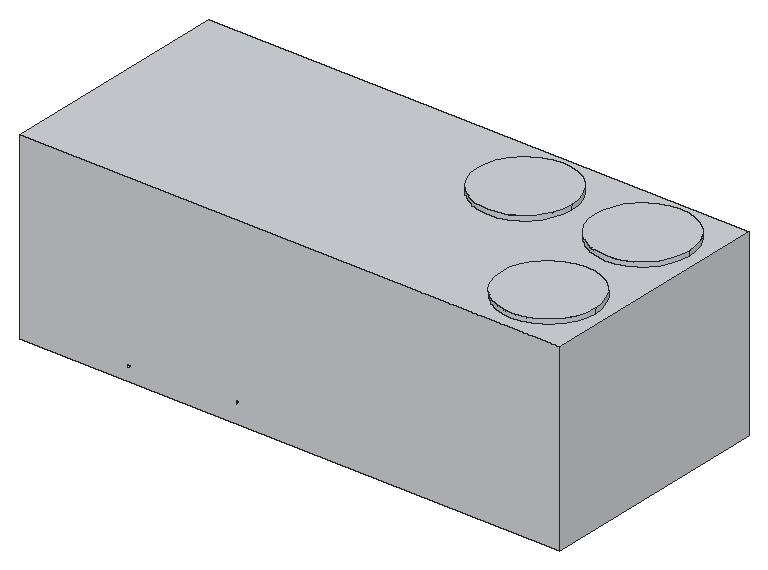
Revit family "38ba4bcd04574da4892a8561812f2e7b", category Mechanical Equipment, Revit 2021
Family settings
  Round Connector Dimension = Use Radius
  Part Type = Normal
  OmniClass Number = 23.75.10.24.21.27.14
  OmniClass Title = Packaged Rooftop Air Conditioning Units
  Seek Item ID = Rooftop AC Units - Gas Fired - 27.5-50 Tons-0000-USA-ENU
  Work Plane-Based = No
  Always vertical = Yes
  Cut with Voids When Loaded = No
  Shared = No
  Room Calculation Point = No
Parameters (values of type "27.5 Tons")
  Voltage = 480 V
  Visibility 2 = no
  Visibility 1 = yes
  Unit Width = 7' - 6 5/8"
  Unit Material = none
  Unit Length = 17' - 4 1/16"
  Unit Height = 5' - 10 7/16"
  Supply Air Outlet Width = 54 1/8"
  Supply Air Outlet Height = 70 15/16"
  Return Air Inlet Width = 23 1/2"
  Return Air Inlet Height = 75 13/16"
  Number of Poles = 3
  Load Classification = Cooling
  Length 2 = 0.5 * Unit Width  # 3' - 9 5/16"
  Length 1 = 0.25 * Unit Width  # 1' - 10 21/32"
  Heating Output = 486000.0 Btu/h
  Heating Input = 600000.0 Btu/h
  Gas Radius = Gas Diameter / 2  # 1/2"
  Gas Pressure Drop [instance] = 0.506 psi
  Gas Flow [instance] = 0 GPM
  Gas Diameter = 1"
  Fan Radius = Unit Width * 0.2  # 1' - 6 1/8"
  Drain Radius = Drain Diameter / 2  # 5/8"
  Drain Flow [instance] = 0 GPM
  Drain Diameter = 1 1/4"
  Distance = 4' - 3 1/2"
  Default Elevation = 0' - 0"
  C4 Offset 2 = 0' - 5 3/8"
  C4 Offset 1 = 3' - 6"
  C3 Offset 1 = 6' - 11 13/16"
  Apparent Load = 11814.4 VA
  Air Pressure Drop [instance] = 1.25 in-wg
  Air Flow [instance] = 12000 CFM
Types (6): name | Visibility 2 | Visibility 1 | Unit Length | Unit Height | Heating Output | Heating Input | Distance | C4 Offset 2 | C4 Offset 1 | C3 Offset 1 | Apparent Load | Air Pressure Drop | Air Flow
  (no name) | no | yes | 17' - 4 1/16" | 5' - 10 7/16" | 486000.0 Btu/h | 600000.0 Btu/h | 4' - 3 1/2" | 0' - 5 3/8" | 3' - 6" | 6' - 11 13/16" | 11814.4 VA | 1.25 in-wg | 12000 CFM
  27.5 Tons | no | yes | 17' - 4 1/16" | 5' - 10 7/16" | 486000.0 Btu/h | 600000.0 Btu/h | 4' - 3 1/2" | 0' - 5 3/8" | 3' - 6" | 6' - 11 13/16" | 11814.4 VA | 1.25 in-wg | 12000 CFM
  30 Tons | no | yes | 17' - 4 1/16" | 5' - 10 7/16" | 486000.0 Btu/h | 600000.0 Btu/h | 4' - 3 1/2" | 0' - 5 3/8" | 3' - 6" | 6' - 11 13/16" | 11814.4 VA | 1.50 in-wg | 13000 CFM
  35 Tons | no | yes | 17' - 4 1/16" | 5' - 10 7/16" | 486000.0 Btu/h | 600000.0 Btu/h | 4' - 3 1/2" | 0' - 5 3/8" | 3' - 6" | 6' - 11 13/16" | 13083.2 VA | 1.75 in-wg | 14500 CFM
  40 Tons | yes | no | 19' - 4 3/8" | 6' - 5" | 648000.0 Btu/h | 800000.0 Btu/h | 4' - 5 9/16" | 0' - 5 5/16" | 4' - 1 9/16" | 7' - 9 3/8" | 13811.2 VA | 2.00 in-wg | 17000 CFM
  50 Tons | yes | no | 19' - 4 3/8" | 6' - 5" | 648000.0 Btu/h | 800000.0 Btu/h | 4' - 5 9/16" | 0' - 5 5/16" | 4' - 1 9/16" | 7' - 9 3/8" | 15100.8 VA | 2.25 in-wg | 20000 CFM
Reference planes (in)
  plane 1 "Center (Front/Back)": y = 0
  plane 2: z = 0
  plane 3 "Center (Left/Right)": x = 0
  plane 4: x = 208.0625
  plane 5: y = 90.625
  plane 6: z = 70.4375
  plane 7: y = 83.5625
  plane 8: y = 7.75
  plane 9: y = 12.625
  plane 10: x = 7.125
  plane 11: x = 30.625
  plane 12: x = 82.125
  plane 13: x = 136.25
  plane 14: y = 45.3125
  plane 15: y = 67.96875
  plane 16: y = 22.65625
  plane 17: x = 185.40625
  plane 18: x = 140.09375
  plane 19: z = 1
  plane 20: z = 72.1875
  plane 21: x = 42
  plane 22: x = 83.8125
  plane 23: z = 7.5625
  plane 24: z = 5.375
  plane 25: y = 0.5
  plane 26: z = 10
  plane 27: y = 5
  plane 28: x = 207.0625
Forms (in)
  Extrusion 1, solid, material <- "Unit Material"
    sketch origin (0, 0, 0) x (1, 0, 0) y (0, 1, 0)
      loop
        line (0, 90.625) -> (0, 0) -> (208.0625, 0) -> (208.0625, 90.625) -> (0, 90.625)
    from 0 to 70.4375
  Extrusion 2, void
    sketch origin (0, 0, 0) x (1, 0, 0) y (0, 1, 0)
      loop
        line (7.125, 83.5625) -> (7.125, 7.75) -> (30.625, 7.75) -> (30.625, 83.5625) -> (7.125, 83.5625)
      loop
        line (82.125, 83.5625) -> (82.125, 12.625) -> (136.25, 12.625) -> (136.25, 83.5625) -> (82.125, 83.5625)
    from 0 to 1
  Extrusion 3, solid, material <- "Unit Material"
    sketch origin (0, 0, 0) x (1, 0, 0) y (0, 1, 0)
      loop
        circle (185.40625, 67.96875) r 18.125
    from 70.4375 to 72.1875
  Extrusion 4, solid, material <- "Unit Material"
    sketch origin (0, 0, 0) x (1, 0, 0) y (0, 1, 0)
      loop
        circle (185.40625, 22.65625) r 18.125
    from 70.4375 to 72.1875
  Extrusion 5, solid, material <- "Unit Material"
    sketch origin (0, 0, 0) x (1, 0, 0) y (0, 1, 0)
      loop
        circle (140.09375, 67.96875) r 18.125
    from 70.4375 to 72.1875
  Extrusion 6, solid, material <- "Unit Material", visible <- "Visibility 2"
    sketch origin (0, 0, 0) x (1, 0, 0) y (0, 1, 0)
      loop
        circle (140.09375, 22.65625) r 18.125
    from 70.4375 to 72.1875
  Extrusion 7, void
    sketch origin (0, 0, 0) x (1, 0, 0) y (0, 0, 1)
      loop
        circle (42, 5.375) r 0.625
    from -0.5 to 0
  Extrusion 8, void
    sketch origin (0, 0, 0) x (1, 0, 0) y (0, 0, 1)
      loop
        circle (83.8125, 7.5625) r 0.5
    from -0.5 to 0
  Extrusion 9, solid, material <- "Unit Material"
    sketch origin (0, 0, 0) x (0, 1, 0) y (0, 0, 1)
      loop
        circle (5, 10) r 1
    from 207.0625 to 208.0625
Cuts and joins
  Extrusion 2, Extrusion 7, Extrusion 8 cuts Extrusion 1
  joined: Extrusion 1, Extrusion 9
Dimensions and locks (in)
  "Unit Length": plane 3 "Center (Left/Right)" to plane 4
  "Unit Width": plane 5 to plane 1 "Center (Front/Back)"
  "Unit Height": plane 6 to level
  locked: plane 5 to plane 7 at 7.0625
  "Return Air Inlet Height": plane 7 to plane 8
  "Supply Air Outlet Height": plane 7 to plane 9
  locked: plane 3 "Center (Left/Right)" to plane 10 at 7.125
  "Return Air Inlet Width": plane 10 to plane 11
  "Distance": plane 11 to plane 12
  "Supply Air Outlet Width": plane 12 to plane 13
  equal spacing: plane 5, plane 15, plane 14, plane 16, plane 1 "Center (Front/Back)"
  "Length 1": plane 17 to plane 4
  "Length 2": plane 18 to plane 17
  locked: plane 19 to level at 1
  locked: plane 20 to plane 6 at 1.75
  "C4 Offset 1": plane 21 to plane 3 "Center (Left/Right)"
  "C3 Offset 1": plane 22 to plane 3 "Center (Left/Right)"
  "C4 Offset 2": plane 24 to level
  locked: plane 23 to level at 7.5625
  locked: plane 25 to plane 1 "Center (Front/Back)" at 0.5
  locked: plane 1 "Center (Front/Back)" to plane 27 at 5
  locked: plane 26 to level at 10
  locked: plane 28 to plane 4 at 1
  "Fan Radius": radius of Extrusion 3 sketch curve
  "Fan Radius": radius of Extrusion 4 sketch curve
  "Fan Radius": radius of Extrusion 5 sketch curve
  "Fan Radius": radius of Extrusion 6 sketch curve
  "Drain Radius": radius of Extrusion 7 sketch curve
  "Gas Radius": radius of Extrusion 8 sketch curve
  aligned and locked: plane 3 "Center (Left/Right)" to Extrusion 1 sketch curve
  aligned and locked: Extrusion 1 sketch curve to plane 5
  aligned and locked: plane 1 "Center (Front/Back)" to Extrusion 1 sketch curve
  aligned and locked: plane 4 to Extrusion 1 sketch curve
  aligned and locked: plane 6 to Extrusion 1
  aligned and locked: Extrusion 1 to plane 2
  aligned and locked: plane 10 to Extrusion 2 sketch curve
  aligned and locked: Extrusion 2 sketch curve to plane 7  (x2)
  aligned and locked: Extrusion 2 sketch curve to plane 11
  aligned and locked: plane 12 to Extrusion 2 sketch curve  (x2)
  aligned and locked: Extrusion 2 sketch curve to plane 13
  aligned and locked: plane 9 to Extrusion 2 sketch curve
  aligned and locked: plane 8 to Extrusion 2 sketch curve
  aligned and locked: plane 15 to Extrusion 3 sketch curve
  aligned and locked: plane 17 to Extrusion 3 sketch curve
  aligned and locked: plane 16 to Extrusion 4 sketch curve
  aligned and locked: plane 17 to Extrusion 4 sketch curve
  aligned and locked: plane 15 to Extrusion 5 sketch curve
  aligned and locked: plane 18 to Extrusion 5 sketch curve
  aligned and locked: plane 16 to Extrusion 6 sketch curve
  aligned and locked: plane 18 to Extrusion 6 sketch curve
  aligned and locked: plane 19 to cut or joined group of Extrusion 1, Extrusion 2, Extrusion 7, Extrusion 8, Extrusion 9
  aligned and locked: plane 2 to cut or joined group of Extrusion 1, Extrusion 2, Extrusion 7, Extrusion 8, Extrusion 9  (x2)
  aligned and locked: cut or joined group of Extrusion 1, Extrusion 2, Extrusion 7, Extrusion 8, Extrusion 9 to plane 19
  aligned and locked: plane 20 to Extrusion 6
  aligned and locked: Extrusion 6 to plane 6
  aligned and locked: plane 20 to Extrusion 5
  aligned and locked: Extrusion 5 to plane 6
  aligned and locked: plane 20 to Extrusion 4
  aligned and locked: Extrusion 4 to plane 6
  aligned and locked: plane 20 to Extrusion 3
  aligned and locked: Extrusion 3 to plane 6
  aligned and locked: plane 24 to Extrusion 7 sketch curve
  aligned and locked: plane 21 to Extrusion 7 sketch curve
  aligned and locked: plane 23 to Extrusion 8 sketch curve
  aligned and locked: plane 22 to Extrusion 8 sketch curve
  aligned and locked: plane 25 to Extrusion 7
  aligned and locked: plane 1 "Center (Front/Back)" to Extrusion 7
  aligned and locked: plane 25 to Extrusion 8
  aligned and locked: plane 1 "Center (Front/Back)" to cut or joined group of Extrusion 1, Extrusion 2, Extrusion 7, Extrusion 8, Extrusion 9  (x2)
  aligned and locked: plane 26 to Extrusion 9 sketch curve
  aligned and locked: Extrusion 9 to plane 4
  aligned and locked: plane 28 to Extrusion 9
  aligned and locked: plane 1 "Center (Front/Back)" to Extrusion 8
Automatic sketch dimensions
  Extrusion 9 sketch curve to plane 27 = 0' - 0"
  radius of Extrusion 9 sketch curve = 0' - 1"
Connectors (in)
  hvac at (109.1875, 48.09375, 0), driven by "Air Flow", driven by "Supply Air Outlet Height", driven by "Supply Air Outlet Width"
    settings: on cut or joined group of Extrusion 1, Extrusion 2, Extrusion 7, Extrusion 8, Extrusion 9, index 1, duct flow 12000 CFM, flow factor 0, pres drop 0.00 in-wg, loss coef 0, conn angle 0.00°, conn width 54 1/8", conn height 70 15/16", conn diameter 24", duct sys type 1, conn prof type 1, flow config 0, flow direction 2, loss method 0, conn ref index 2, conn util no, is conn primary yes, conn desc ""
  hvac at (18.875, 45.65625, 0), driven by "Air Flow", driven by "Return Air Inlet Height", driven by "Return Air Inlet Width"
    settings: on cut or joined group of Extrusion 1, Extrusion 2, Extrusion 7, Extrusion 8, Extrusion 9, index 2, duct flow 12000 CFM, flow factor 0, pres drop 0.00 in-wg, loss coef 0, conn angle 0.00°, conn width 23 1/2", conn height 75 13/16", conn diameter 24", duct sys type 2, conn prof type 1, flow config 0, flow direction 1, loss method 0, conn ref index 1, conn util no, is conn primary no, conn desc ""
  piping at (83.8125, 0, 7.5625), diameter 1, driven by "Gas Flow", driven by "Gas Radius", driven by "Gas Pressure Drop"
    settings: on cut or joined group of Extrusion 1, Extrusion 2, Extrusion 7, Extrusion 8, Extrusion 9, index 3, connector inside diameter 1", connector length 0' - 0", flow factor 0, pipe flow 0 GPM, pressure drop 0.506 psi, fitting loss kfactor 0, connector angle 0.00°, fixture units 0, engagement length 0' - 0", angle of deflection 0.00°, flow configuration 1, flow direction 1, fitting loss method 4, system type 22, joint type 0, gender type 0, connector reference index -1, connector utility 0, adjustable connector no, is connector primary yes, connector description "Gas In"
  piping at (42, 0, 5.375), diameter 1.25, driven by "Drain Flow", driven by "Drain Radius"
    settings: on cut or joined group of Extrusion 1, Extrusion 2, Extrusion 7, Extrusion 8, Extrusion 9, index 4, connector inside diameter 1 1/4", connector length 0' - 0", flow factor 0, pipe flow 0 GPM, pressure drop 0.00 psi, fitting loss kfactor 0, connector angle 0.00°, fixture units 0, engagement length 0' - 0", angle of deflection 0.00°, flow configuration 1, flow direction 2, fitting loss method 0, system type 16, joint type 0, gender type 0, connector reference index -1, connector utility 0, adjustable connector yes, is connector primary no, connector description "Drain Out"
  electrical at (208.0625, 5, 10), driven by "Apparent Load", driven by "Voltage", driven by "Number of Poles", driven by "Load Classification"
    settings: on Extrusion 9, index 5, voltage 480 V, apparent load 11814.4 VA, apparent load phase1 0 VA, apparent load phase2 0 VA, apparent load phase3 0 VA, power factor 0.8, load classification "Cooling", number of poles 3, system type 30, power factor state 1, is connector primary yes, connector utility no, sub classification motor no, connector description ""
